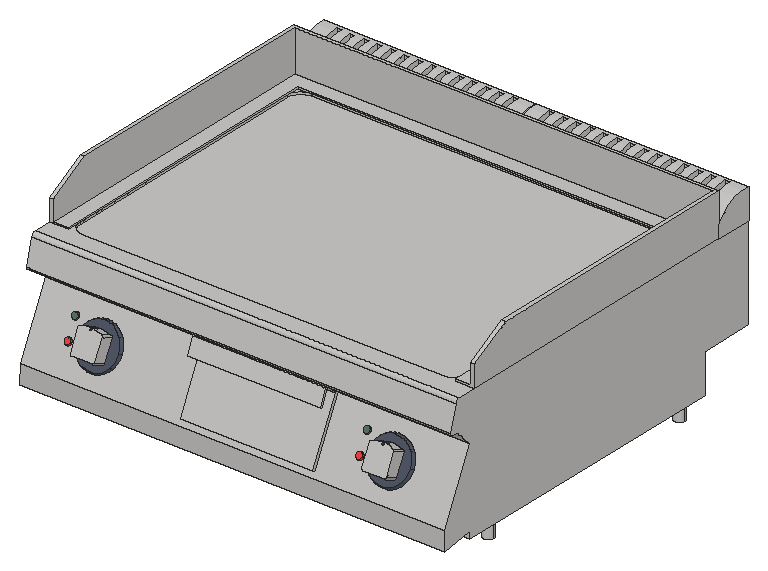
Revit family "QF_ZANUSSI_372194_Z7FTEHCSI0", category Specialty Equipment, Revit 2018
Family settings
  Round Connector Dimension = Use Diameter
  Part Type = Normal
  Work Plane-Based = No
  Always vertical = Yes
  Cut with Voids When Loaded = No
  Shared = No
  Room Calculation Point = No
Parameters
  Width = 800 mm  # constant formula
  Weight in Pounds = 198  # constant formula
  Weight = 0.00 kg
  Watts = 0 W
  Volts = 400 V
  URL Manufacturer = "http://www.zanussiprofessional.com"
  URL Cutsheet = "www.electrolux.com/foodservice"
  URL = "http://www.zanussiprofessional.com"
  Type Mark [instance] = ""
  Steam Supply Size = 0"
  Steam Supply Minimum Pressure = 0.00 psi
  Steam Supply Maximum Pressure = 0.00 psi
  Steam Pounds per Hour = 0
  Status [instance] = ""
  Specification by User [instance] = ""
  Specification by Manufacturer = ""
  Show Logo [instance] = yes
  Show Clearance [instance] = yes
  Serial Number = ""
  Seismic Rating = ""
  SMACNA No = ""
  Revision Code [instance] = ""
  Refrigeration Suction Line Size = 0"
  Refrigeration Liquid Line Size = 0"
  Refrigerant Compressor Remote = yes
  Phase = 3
  Omniclass Number and Title = ""
  NAFEM Spec ID Number = ""
  Model = "Z7FTEHCSI0"
  Mechanical Remarks = ""
  Mechanical Connection Type = ""
  Masterspec = ""
  Manufacturer = "Zanussi"
  Length Actual = 800 mm  # constant formula
  Item Number [instance] = "372194"
  Installed By [instance] = ""
  Identify Quantity as Lot [instance] = yes
  Hot Water Size = 0"
  Height Actual = 250 mm  # constant formula
  Height = 355 mm  # constant formula
  HP = "11.3 HP"
  Gas Size = 1/2"  # constant formula
  Gas RI Height [instance] = 0 mm
  Gas KW = 14  # constant formula
  Gas Input [instance] = 47726.0 Btu/h  # constant formula
  Gas Connection Height = 0 mm
  Furnished By [instance] = ""
  Foodservice Equipment Identifier [instance] = yes
  Direct Waste Size = 0"
  Description = "EL. FRY TOP-SMOOTH CHROME PLATE 800 MM"
  Depth Actual = 700 mm  # constant formula
  Depth = 715 mm  # constant formula
  Cycle = 60 Hz
  Condensate Return Size = 0"
  Compressed Air Volume = 0 GPM
  Compressed Air Size = 0"
  Compressed Air Pressure = 0.00 psi
  Cold Water Size = 0"
  CSI MasterFormat = ""
  CSI Master Format = ""
  Base Height [instance] = 24 mm  # constant formula
  Assembly Code = ""
  Accessory = yes
Reference planes
  plane 1 "BACK": y = 0
  plane 2: z = 0
  plane 3 "LEFT": x = 0
  plane 4 "RIGHT": x = 800
  plane 5 "FRONT": y = -715
  plane 6 "TOP": z = 288.925
  plane 7 "Center Y": x = 400
  plane 8 "Center X": y = -357.5
  plane 9 "BASE": z = 24
  plane 10 "TOP A": z = 274
  plane 11: y = -597.884
  plane 12: y = -147.637
  plane 13: z = 355
  plane 14: y = -700
  plane 15 "panel": through (-6096, -715, 65.146) normal (0, 0.8956, -0.4448)
Forms (mm)
  Extrusion 1, solid, material "QF_Finishes_Stainless Steel"
    sketch origin (0, 0, 0) x (0, 1, 0) y (0, 0, 1)
      loop
        line (0, 98) -> (0, 274) -> (-679.358, 274)
        arc (-679.358, 274) -> (-684.643, 271.811) -> (-686.833, 266.526) r 7.474
        line (-686.833, 266.526) -> (-699.884, 221.011)
        arc (-699.884, 221.011) -> (-699.396, 218.379) -> (-697, 217.184) r 3
        line (-697, 217.184) -> (-686.802, 217.184) -> (-654.982, 185.364) -> (-715, 64.508) -> (-715, 29.508) -> (-658.645, 37.428)
        arc (-658.645, 37.428) -> (-656.101, 36.674) -> (-655, 34.259) r 3.2
        line (-655, 34.259) -> (-655, 24) -> (-103, 24) -> (-103, 98) -> (0, 98)
    from 0 to 800
  Extrusion 2, void
    sketch origin (0, -2.381, 274) x (-1, 0, 0) y (0, -1, 0)
      loop
        arc (-60.425, 102.504) -> (-42.464, 109.943) -> (-35.025, 127.904) r 25.4
        line (-35.025, 127.904) -> (-35.025, 617.104)
        arc (-35.025, 617.104) -> (-42.464, 635.064) -> (-60.425, 642.504) r 25.4
        line (-60.425, 642.504) -> (-739.575, 642.504)
        arc (-739.575, 642.504) -> (-757.536, 635.064) -> (-764.975, 617.104) r 25.4
        line (-764.975, 617.104) -> (-764.975, 127.904)
        arc (-764.975, 127.904) -> (-757.536, 109.943) -> (-739.575, 102.504) r 25.4
        line (-739.575, 102.504) -> (-60.425, 102.504)
    from 0 to -3.2
  Extrusion 3, solid, material "QF_Finishes_Stainless Steel"
    sketch origin (0, 0, 0) x (1, 0, 0) y (0, 1, 0)
      loop
        circle (11.112, -147.638) r 9.525
      loop
        circle (11.112, -597.884) r 9.525
      loop
        circle (788.887, -147.638) r 9.525
      loop
        circle (788.887, -597.884) r 9.525
    from 0 to 24
  Extrusion 4, solid, material "QF_Finishes_Stainless Steel"
    sketch origin (0, -101.6, 105.694) x (0, 0, -1) y (-1, 0, 0)
      loop
        circle (43.694, -749.2) r 6.35
    from -1.4 to 3.175
  Extrusion 5, solid, material "QF_Finishes_Clearance", visible <- "Show Clearance", detail levels coarse
    sketch origin (0, 0, 0) x (1, 0, 0) y (0, 1, 0)
      loop
        line (0, -715) -> (0, 0) -> (800, 0) -> (800, -715) -> (950.019, -715) -> (950.019, 150.019) -> (-150.019, 150.019) -> (-150.019, -715) -> (0, -715)
    from 0 to 355
  Sweep 6, solid, material "QF_Finishes_Stainless Steel"
    path origin (0, -2.381, 274) x (-1, 0, 0) y (0, -1, 0)
      loop
        line (-764.975, 642.504) -> (-764.975, 102.504) -> (-35.025, 102.504) -> (-35.025, 642.504)
    profile origin (35.025, -374.885, 274) x (1, 0, 0) y (0, 0, 1)
      loop
        line (-35.025, 0) -> (0, 0) -> (0, 3.175) -> (-28.675, 3.175) -> (-28.675, 81) -> (-35.025, 81) -> (-35.025, 0)
  Extrusion 7, void
    sketch origin (0, -69.86, 274) x (0, 1, 0) y (0, 0, 1)
      loop
        line (-575.025, 41.119) -> (-501.995, 81) -> (-575.025, 81) -> (-575.025, 41.119)
    from 0 to 6.35
  Extrusion 8, void
    sketch origin (800, -644.885, 274) x (0, -1, 0) y (0, 0, 1)
      loop
        line (0, 41.119) -> (0, 81) -> (-73.03, 81) -> (0, 41.119)
    from 0 to 6.35
  Extrusion 9, solid, material "QF_Finishes_Stainless Steel"
    sketch origin (0, 0, 0) x (0, 1, 0) y (0, 0, 1)
      loop
        line (0, 274) -> (0, 331.492)
        arc (0, 331.492) -> (-38.8, 324.37) -> (-69.85, 300.038) r 82.447
        line (-69.85, 300.038) -> (-69.85, 274) -> (0, 274)
    from 0 to 400.05
  Extrusion 10, void
    sketch origin (0, 0, 274.638) x (0, -1, 0) y (1, 0, 0)
      loop
        line (6.761, 29.703) -> (63.911, 29.703) -> (63.911, 38.999) -> (6.761, 38.999) -> (6.761, 29.703)
      loop
        line (63.911, 64.487) -> (6.761, 64.487) -> (6.761, 55.191) -> (63.911, 55.191) -> (63.911, 64.487)
      loop
        line (63.911, 89.975) -> (6.761, 89.975) -> (6.761, 80.68) -> (63.911, 80.68) -> (63.911, 89.975)
      loop
        line (63.911, 115.464) -> (6.761, 115.464) -> (6.761, 106.168) -> (63.911, 106.168) -> (63.911, 115.464)
      loop
        line (63.911, 140.952) -> (6.761, 140.952) -> (6.761, 131.656) -> (63.911, 131.656) -> (63.911, 140.952)
      loop
        line (63.911, 166.44) -> (6.761, 166.44) -> (6.761, 157.145) -> (63.911, 157.145) -> (63.911, 166.44)
      loop
        line (63.911, 191.929) -> (6.761, 191.929) -> (6.761, 182.633) -> (63.911, 182.633) -> (63.911, 191.929)
      loop
        line (63.911, 217.417) -> (6.761, 217.417) -> (6.761, 208.121) -> (63.911, 208.121) -> (63.911, 217.417)
      loop
        line (63.911, 242.905) -> (6.761, 242.905) -> (6.761, 233.61) -> (63.911, 233.61) -> (63.911, 242.905)
      loop
        line (63.911, 268.394) -> (6.761, 268.394) -> (6.761, 259.098) -> (63.911, 259.098) -> (63.911, 268.394)
      loop
        line (63.911, 293.882) -> (6.761, 293.882) -> (6.761, 284.586) -> (63.911, 284.586) -> (63.911, 293.882)
      loop
        line (63.911, 319.37) -> (6.761, 319.37) -> (6.761, 310.075) -> (63.911, 310.075) -> (63.911, 319.37)
      loop
        line (63.911, 344.859) -> (6.761, 344.859) -> (6.761, 335.563) -> (63.911, 335.563) -> (63.911, 344.859)
      loop
        line (63.911, 370.347) -> (6.761, 370.347) -> (6.761, 361.051) -> (63.911, 361.051) -> (63.911, 370.347)
    from 25.4 to 63.5
  Extrusion 11, solid, material "QF_Finishes_Stainless Steel"
    sketch origin (400.05, 0, 0) x (0, 1, 0) y (0, 0, 1)
      loop
        line (0, 274) -> (0, 331.492)
        arc (0, 331.492) -> (-38.8, 324.37) -> (-69.85, 300.038) r 82.447
        line (-69.85, 300.038) -> (-69.85, 274) -> (0, 274)
    from 0 to 400.05
  Extrusion 12, void
    sketch origin (400.05, 0, 274.638) x (0, -1, 0) y (1, 0, 0)
      loop
        line (6.761, 29.653) -> (63.911, 29.653) -> (63.911, 38.949) -> (6.761, 38.949) -> (6.761, 29.653)
      loop
        line (63.911, 64.437) -> (6.761, 64.437) -> (6.761, 55.141) -> (63.911, 55.141) -> (63.911, 64.437)
      loop
        line (63.911, 89.925) -> (6.761, 89.925) -> (6.761, 80.63) -> (63.911, 80.63) -> (63.911, 89.925)
      loop
        line (63.911, 115.414) -> (6.761, 115.414) -> (6.761, 106.118) -> (63.911, 106.118) -> (63.911, 115.414)
      loop
        line (63.911, 140.902) -> (6.761, 140.902) -> (6.761, 131.606) -> (63.911, 131.606) -> (63.911, 140.902)
      loop
        line (63.911, 166.39) -> (6.761, 166.39) -> (6.761, 157.095) -> (63.911, 157.095) -> (63.911, 166.39)
      loop
        line (63.911, 191.879) -> (6.761, 191.879) -> (6.761, 182.583) -> (63.911, 182.583) -> (63.911, 191.879)
      loop
        line (63.911, 217.367) -> (6.761, 217.367) -> (6.761, 208.071) -> (63.911, 208.071) -> (63.911, 217.367)
      loop
        line (63.911, 242.855) -> (6.761, 242.855) -> (6.761, 233.56) -> (63.911, 233.56) -> (63.911, 242.855)
      loop
        line (63.911, 268.344) -> (6.761, 268.344) -> (6.761, 259.048) -> (63.911, 259.048) -> (63.911, 268.344)
      loop
        line (63.911, 293.832) -> (6.761, 293.832) -> (6.761, 284.536) -> (63.911, 284.536) -> (63.911, 293.832)
      loop
        line (63.911, 319.32) -> (6.761, 319.32) -> (6.761, 310.025) -> (63.911, 310.025) -> (63.911, 319.32)
      loop
        line (63.911, 344.809) -> (6.761, 344.809) -> (6.761, 335.513) -> (63.911, 335.513) -> (63.911, 344.809)
      loop
        line (63.911, 370.297) -> (6.761, 370.297) -> (6.761, 361.001) -> (63.911, 361.001) -> (63.911, 370.297)
    from 25.4 to 63.5
  Extrusion 13, solid, material "QF_Finishes_Stainless Steel"
    sketch origin (400, 0, 0) x (0, 1, 0) y (0, 0, 1)
      loop
        line (-655.161, 185.641) -> (-674.299, 204.778)
        arc (-674.299, 204.778) -> (-678.766, 206.181) -> (-682.47, 203.316) r 5.058
        line (-682.47, 203.316) -> (-695.132, 175.806) -> (-692.248, 174.479) -> (-679.586, 201.989)
        arc (-679.586, 201.989) -> (-678.207, 203.055) -> (-676.544, 202.533) r 1.883
        line (-676.544, 202.533) -> (-659.038, 185.028) -> (-712.559, 77.256) -> (-709.651, 75.918) -> (-655.161, 185.641)
    from -100 to 150
  Extrusion 14, solid, material "QF_Finishes_Drawer Clearance", visible <- "Show Clearance", detail levels coarse
    sketch origin (400, 0, 0) x (0, 1, 0) y (0, 0, 1)
      loop
        line (-778.814, 75.918) -> (-709.651, 75.918) -> (-655.161, 185.641) -> (-674.299, 204.778)
        arc (-674.299, 204.778) -> (-676.36, 206.027) -> (-678.766, 206.181) r 5.058
        line (-678.766, 206.181) -> (-747.93, 206.181)
        arc (-747.93, 206.181) -> (-750.133, 205.203) -> (-751.634, 203.316) r 5.058
        line (-751.634, 203.316) -> (-764.296, 175.806) -> (-761.412, 174.479) -> (-748.75, 201.989)
        arc (-748.75, 201.989) -> (-747.371, 203.055) -> (-745.708, 202.533) r 1.883
        line (-745.708, 202.533) -> (-728.202, 185.028) -> (-781.723, 77.256) -> (-778.814, 75.918)
    from -100 to 150
  Blend 15, solid, material "QF_Finishes_Navy Blue"
    base sketch origin (675, -684.991, 125.574) x (1, 0, 0) y (0, 0.444781, 0.895639)
      loop
        circle (0, 0) r 42.5
    top sketch origin (675, -684.991, 125.574) x (1, 0, 0) y (0, 0.444781, 0.895639)
      loop
        circle (0, 0) r 40.5
    from 0 to 5
  Extrusion 16, solid, material "QF_Finishes_Stainless Steel"
    sketch origin (675, -684.991, 125.574) x (1, 0, 0) y (0, 0.444781, 0.895639)
      loop
        arc (-21.147, 22.789) -> (-22.494, 21.685) -> (-23, 20.019) r 2.997
        line (-23, 20.019) -> (-23, -20.019)
        arc (-23, -20.019) -> (-22.122, -22.138) -> (-20.003, -23.016) r 2.997
        line (-20.003, -23.016) -> (20.003, -23.016)
        arc (20.003, -23.016) -> (22.122, -22.138) -> (23, -20.019) r 2.997
        line (23, -20.019) -> (23, 20.019)
        arc (23, 20.019) -> (22.494, 21.685) -> (21.147, 22.789) r 2.997
        arc (21.147, 22.789) -> (0, 26.984) -> (-21.147, 22.789) r 55.4
    from 10 to 34
  Extrusion 17, solid, material "QF_Plastic-Black-Matte"
    sketch origin (755, -684.991, 125.574) x (0, 0.444781, 0.895639) y (0, -0.895639, 0.444781)
      loop
        line (26.984, 34) -> (26.984, 19) -> (27.984, 19) -> (27.984, 34)
        arc (27.984, 34) -> (27.691, 34.707) -> (26.984, 35) r 1
        line (26.984, 35) -> (23.984, 35) -> (23.984, 34) -> (26.984, 34)
    from -81 to -79
  Extrusion 18, solid, material "QF_Finishes_Red"
    sketch origin (675, -689.439, 116.617) x (1, 0, 0) y (0, 0.444781, 0.895639)
      loop
        circle (-55.001, 0) r 6
    from 0 to 1.6
  Extrusion 19, solid, material "QF_Finishes_Stainless Steel"
    sketch origin (675, -684.991, 125.574) x (1, 0, 0) y (0, 0.444781, 0.895639)
      loop
        line (17.5, 17.5) -> (-17.5, 17.5) -> (-17.5, -17.5) -> (17.5, -17.5) -> (17.5, 17.5)
    from 5 to 10
  Extrusion 20, solid, material "QF_Finishes_DarkGreen"
    sketch origin (675, -671.648, 152.443) x (1, 0, 0) y (0, 0.444781, 0.895639)
      loop
        circle (-55.001, 0) r 6
    from 0 to 1.6
  Blend 21, solid, material "QF_Finishes_Navy Blue"
    base sketch origin (125, -684.991, 125.574) x (1, 0, 0) y (0, 0.444781, 0.895639)
      loop
        circle (0, 0) r 42.5
    top sketch origin (125, -684.991, 125.574) x (1, 0, 0) y (0, 0.444781, 0.895639)
      loop
        circle (0, 0) r 40.5
    from 0 to 5
  Extrusion 22, solid, material "QF_Finishes_Stainless Steel"
    sketch origin (125, -684.991, 125.574) x (1, 0, 0) y (0, 0.444781, 0.895639)
      loop
        arc (-21.147, 22.789) -> (-22.494, 21.685) -> (-23, 20.019) r 2.997
        line (-23, 20.019) -> (-23, -20.019)
        arc (-23, -20.019) -> (-22.122, -22.138) -> (-20.003, -23.016) r 2.997
        line (-20.003, -23.016) -> (20.003, -23.016)
        arc (20.003, -23.016) -> (22.122, -22.138) -> (23, -20.019) r 2.997
        line (23, -20.019) -> (23, 20.019)
        arc (23, 20.019) -> (22.494, 21.685) -> (21.147, 22.789) r 2.997
        arc (21.147, 22.789) -> (0, 26.984) -> (-21.147, 22.789) r 55.4
    from 10 to 34
  Extrusion 23, solid, material "QF_Plastic-Black-Matte"
    sketch origin (205, -684.991, 125.574) x (0, 0.444781, 0.895639) y (0, -0.895639, 0.444781)
      loop
        line (26.984, 34) -> (26.984, 19) -> (27.984, 19) -> (27.984, 34)
        arc (27.984, 34) -> (27.691, 34.707) -> (26.984, 35) r 1
        line (26.984, 35) -> (23.984, 35) -> (23.984, 34) -> (26.984, 34)
    from -81 to -79
  Extrusion 24, solid, material "QF_Finishes_Red"
    sketch origin (125, -689.439, 116.617) x (1, 0, 0) y (0, 0.444781, 0.895639)
      loop
        circle (-55.001, 0) r 6
    from 0 to 1.6
  Extrusion 25, solid, material "QF_Finishes_Stainless Steel"
    sketch origin (125, -684.991, 125.574) x (1, 0, 0) y (0, 0.444781, 0.895639)
      loop
        line (17.5, 17.5) -> (-17.5, 17.5) -> (-17.5, -17.5) -> (17.5, -17.5) -> (17.5, 17.5)
    from 5 to 10
  Extrusion 26, solid, material "QF_Finishes_DarkGreen"
    sketch origin (125, -671.648, 152.443) x (1, 0, 0) y (0, 0.444781, 0.895639)
      loop
        circle (-55.001, 0) r 6
    from 0 to 1.6
Cuts and joins
  Extrusion 2 cuts Extrusion 1
  Extrusion 7, Extrusion 8 cuts Sweep 6
  Extrusion 10 cuts Extrusion 9
  Extrusion 12 cuts Extrusion 11
Lines and regions (mm)
  Split face 1
    outline origin (676.664, -684.796, 137.208) x (1, 0, 0) y (0, 0.444781, 0.895639)
      loop
        circle (-34, 0) r 1.5
  Split face 2
    outline origin (673.297, -687.581, 131.6) x (1, 0, 0) y (0, 0.444781, 0.895639)
      loop
        circle (-30.633, -14.752) r 1.5
  Split face 3
    outline origin (676.214, -689.88, 126.97) x (1, 0, 0) y (0, 0.444781, 0.895639)
      loop
        circle (-21.199, -26.582) r 1.5
  Split face 4
    outline origin (682.566, -689.848, 127.034) x (1, 0, 0) y (0, 0.444781, 0.895639)
      loop
        circle (-7.566, -33.148) r 1.5
  Split face 5
    outline origin (687.419, -686.96, 132.85) x (1, 0, 0) y (0, 0.444781, 0.895639)
      loop
        circle (7.566, -33.148) r 1.5
  Split face 6
    outline origin (686.137, -682.319, 142.196) x (1, 0, 0) y (0, 0.444781, 0.895639)
      loop
        circle (21.199, -26.582) r 1.5
  Split face 7
    outline origin (676.5, -678.264, 150.361) x (1, 0, 0) y (0, 0.444781, 0.895639)
      loop
        circle (30.633, -14.752) r 1.5
  Split face 8
    outline origin (660.985, -677.235, 152.433) x (1, 0, 0) y (0, 0.444781, 0.895639)
      loop
        circle (34, 0) r 1.5
  Split face 9
    outline origin (675, -689.469, 127.797) x (1, 0, 0) y (0, 0.444781, 0.895639)
      loop
        circle (0, 33.561) r 1.5
  Split face 10
    outline origin (126.664, -684.796, 137.208) x (1, 0, 0) y (0, 0.444781, 0.895639)
      loop
        circle (-34, 0) r 1.5
  Split face 11
    outline origin (123.297, -687.581, 131.6) x (1, 0, 0) y (0, 0.444781, 0.895639)
      loop
        circle (-30.633, -14.752) r 1.5
  Split face 12
    outline origin (126.214, -689.88, 126.97) x (1, 0, 0) y (0, 0.444781, 0.895639)
      loop
        circle (-21.199, -26.582) r 1.5
  Split face 13
    outline origin (132.566, -689.848, 127.034) x (1, 0, 0) y (0, 0.444781, 0.895639)
      loop
        circle (-7.566, -33.148) r 1.5
  Split face 14
    outline origin (137.419, -686.96, 132.85) x (1, 0, 0) y (0, 0.444781, 0.895639)
      loop
        circle (7.566, -33.148) r 1.5
  Split face 15
    outline origin (136.137, -682.319, 142.196) x (1, 0, 0) y (0, 0.444781, 0.895639)
      loop
        circle (21.199, -26.582) r 1.5
  Split face 16
    outline origin (126.5, -678.264, 150.361) x (1, 0, 0) y (0, 0.444781, 0.895639)
      loop
        circle (30.633, -14.752) r 1.5
  Split face 17
    outline origin (110.985, -677.235, 152.433) x (1, 0, 0) y (0, 0.444781, 0.895639)
      loop
        circle (34, 0) r 1.5
  Split face 18
    outline origin (125, -689.469, 127.797) x (1, 0, 0) y (0, 0.444781, 0.895639)
      loop
        circle (0, 33.561) r 1.5
  symbolic lines, style "QF-Clearances", visible <- "Show Clearance", detail levels coarse
    curve 1: line (-150.019, 150.019, 274) -> (-150.019, -715, 274)
    curve 2: line (950.019, 150.019, 274) -> (-150.019, 150.019, 274)
    curve 3: line (950.019, -716.377, 274) -> (950.019, 150.019, 274)
  symbolic lines
    curve 4: line (0, 0, 274) -> (800, 0, 274)
    curve 5: line (0, -715, 274) -> (0, 0, 274)
    curve 6: line (800, 0, 274) -> (800, -715, 274)
    curve 7: line (35.025, -104.885, 274) -> (35.025, -644.885, 274)
    curve 8: arc (35.025, -619.485, 274) -> (42.464, -637.445, 274) -> (60.425, -644.885, 274) r 25.4
    curve 9: line (0, -644.885, 274) -> (35.025, -644.885, 274)
    curve 10: arc (739.215, -644.885, 274) -> (757.736, -637.213, 274) -> (765.407, -618.692, 274) r 26.193
    curve 11: line (765.407, -644.885, 274) -> (765.407, -104.885, 274)
    curve 12: line (765.407, -104.885, 274) -> (35.025, -104.885, 274)
    curve 13: line (0, -69.85, 274) -> (800, -69.85, 274)
    curve 14: arc (64.125, -104.885, 274) -> (43.548, -113.408, 274) -> (35.025, -133.985, 274) r 29.1
    curve 15: arc (739.863, -104.885, 274) -> (757.926, -112.367, 274) -> (765.407, -130.429, 274) r 25.544
    curve 16: line (6.35, -76.21, 274) -> (6.35, -644.885, 274)
    curve 17: line (6.35, -76.21, 274) -> (793.65, -76.21, 274)
    curve 18: line (793.65, -76.21, 274) -> (793.65, -644.885, 274)
    curve 19: line (765.407, -644.885, 274) -> (800, -644.885, 274)
    curve 20: line (60.425, -644.885, 274) -> (739.215, -644.885, 274)
    curve 24: line (0, 0, 274.638) -> (800, 0, 274.638)
    curve 25: line (0, -69.85, 274.638) -> (800, -69.85, 274.638)
    curve 26: line (29.703, -6.761, 0) -> (38.999, -6.761, 0)
    curve 27: line (29.703, -63.911, 0) -> (29.703, -6.761, 0)
    curve 28: line (38.999, -63.911, 0) -> (29.703, -63.911, 0)
    curve 29: line (38.999, -6.761, 0) -> (38.999, -63.911, 0)
    curve 30: line (55.191, -6.761, 0) -> (64.487, -6.761, 0)
    curve 31: line (55.191, -63.911, 0) -> (55.191, -6.761, 0)
    curve 32: line (64.487, -63.911, 0) -> (55.191, -63.911, 0)
    curve 33: line (64.487, -6.761, 0) -> (64.487, -63.911, 0)
    curve 34: line (80.68, -6.761, 0) -> (89.975, -6.761, 0)
    curve 35: line (80.68, -63.911, 0) -> (80.68, -6.761, 0)
    curve 36: line (89.975, -63.911, 0) -> (80.68, -63.911, 0)
    curve 37: line (89.975, -6.761, 0) -> (89.975, -63.911, 0)
    curve 38: line (106.168, -6.761, 0) -> (115.464, -6.761, 0)
    curve 39: line (106.168, -63.911, 0) -> (106.168, -6.761, 0)
    curve 40: line (115.464, -63.911, 0) -> (106.168, -63.911, 0)
    curve 41: line (115.464, -6.761, 0) -> (115.464, -63.911, 0)
    curve 42: line (131.656, -6.761, 0) -> (140.952, -6.761, 0)
    curve 43: line (131.656, -63.911, 0) -> (131.656, -6.761, 0)
    curve 44: line (140.952, -63.911, 0) -> (131.656, -63.911, 0)
    curve 45: line (140.952, -6.761, 0) -> (140.952, -63.911, 0)
    curve 46: line (157.145, -6.761, 0) -> (166.44, -6.761, 0)
    curve 47: line (157.145, -63.911, 0) -> (157.145, -6.761, 0)
    curve 48: line (166.44, -63.911, 0) -> (157.145, -63.911, 0)
    curve 49: line (166.44, -6.761, 0) -> (166.44, -63.911, 0)
    curve 50: line (182.633, -6.761, 0) -> (191.929, -6.761, 0)
    curve 51: line (182.633, -63.911, 0) -> (182.633, -6.761, 0)
    curve 52: line (191.929, -63.911, 0) -> (182.633, -63.911, 0)
    curve 53: line (191.929, -6.761, 0) -> (191.929, -63.911, 0)
    curve 54: line (208.121, -6.761, 0) -> (217.417, -6.761, 0)
    curve 55: line (208.121, -63.911, 0) -> (208.121, -6.761, 0)
    curve 56: line (217.417, -63.911, 0) -> (208.121, -63.911, 0)
    curve 57: line (217.417, -6.761, 0) -> (217.417, -63.911, 0)
    curve 58: line (233.61, -6.761, 0) -> (242.905, -6.761, 0)
    curve 59: line (233.61, -63.911, 0) -> (233.61, -6.761, 0)
    curve 60: line (242.905, -63.911, 0) -> (233.61, -63.911, 0)
    curve 61: line (242.905, -6.761, 0) -> (242.905, -63.911, 0)
    curve 62: line (259.098, -6.761, 0) -> (268.394, -6.761, 0)
    curve 63: line (259.098, -63.911, 0) -> (259.098, -6.761, 0)
    curve 64: line (268.394, -63.911, 0) -> (259.098, -63.911, 0)
    curve 65: line (268.394, -6.761, 0) -> (268.394, -63.911, 0)
    curve 66: line (284.586, -6.761, 0) -> (293.882, -6.761, 0)
    curve 67: line (284.586, -63.911, 0) -> (284.586, -6.761, 0)
    curve 68: line (293.882, -63.911, 0) -> (284.586, -63.911, 0)
    curve 69: line (293.882, -6.761, 0) -> (293.882, -63.911, 0)
    curve 70: line (310.075, -6.761, 0) -> (319.37, -6.761, 0)
    curve 71: line (310.075, -63.911, 0) -> (310.075, -6.761, 0)
    curve 72: line (319.37, -63.911, 0) -> (310.075, -63.911, 0)
    curve 73: line (319.37, -6.761, 0) -> (319.37, -63.911, 0)
    curve 74: line (335.563, -6.761, 0) -> (344.859, -6.761, 0)
    curve 75: line (335.563, -63.911, 0) -> (335.563, -6.761, 0)
    curve 76: line (344.859, -63.911, 0) -> (335.563, -63.911, 0)
    curve 77: line (344.859, -6.761, 0) -> (344.859, -63.911, 0)
    curve 78: line (361.051, -6.761, 0) -> (370.347, -6.761, 0)
    curve 79: line (361.051, -63.911, 0) -> (361.051, -6.761, 0)
    curve 80: line (370.347, -63.911, 0) -> (361.051, -63.911, 0)
    curve 81: line (370.347, -6.761, 0) -> (370.347, -63.911, 0)
    curve 82: line (400, 0, 0) -> (400, -69.85, 0)
    curve 83: line (770.347, -6.761, 0) -> (761.051, -6.761, 0)
    curve 84: line (770.347, -63.911, 0) -> (770.347, -6.761, 0)
    curve 85: line (761.051, -63.911, 0) -> (770.347, -63.911, 0)
    curve 86: line (761.051, -6.761, 0) -> (761.051, -63.911, 0)
    curve 87: line (744.859, -6.761, 0) -> (735.563, -6.761, 0)
    curve 88: line (744.859, -63.911, 0) -> (744.859, -6.761, 0)
    curve 89: line (735.563, -63.911, 0) -> (744.859, -63.911, 0)
    curve 90: line (735.563, -6.761, 0) -> (735.563, -63.911, 0)
    curve 91: line (719.37, -6.761, 0) -> (710.075, -6.761, 0)
    curve 92: line (719.37, -63.911, 0) -> (719.37, -6.761, 0)
    curve 93: line (710.075, -63.911, 0) -> (719.37, -63.911, 0)
    curve 94: line (710.075, -6.761, 0) -> (710.075, -63.911, 0)
    curve 95: line (693.882, -6.761, 0) -> (684.586, -6.761, 0)
    curve 96: line (693.882, -63.911, 0) -> (693.882, -6.761, 0)
    curve 97: line (684.586, -63.911, 0) -> (693.882, -63.911, 0)
    curve 98: line (684.586, -6.761, 0) -> (684.586, -63.911, 0)
    curve 99: line (668.394, -6.761, 0) -> (659.098, -6.761, 0)
    curve 100: line (668.394, -63.911, 0) -> (668.394, -6.761, 0)
    curve 101: line (659.098, -63.911, 0) -> (668.394, -63.911, 0)
    curve 102: line (659.098, -6.761, 0) -> (659.098, -63.911, 0)
    curve 103: line (642.905, -6.761, 0) -> (633.61, -6.761, 0)
    curve 104: line (642.905, -63.911, 0) -> (642.905, -6.761, 0)
    curve 105: line (633.61, -63.911, 0) -> (642.905, -63.911, 0)
    curve 106: line (633.61, -6.761, 0) -> (633.61, -63.911, 0)
    curve 107: line (617.417, -6.761, 0) -> (608.121, -6.761, 0)
    curve 108: line (617.417, -63.911, 0) -> (617.417, -6.761, 0)
    curve 109: line (608.121, -63.911, 0) -> (617.417, -63.911, 0)
    curve 110: line (608.121, -6.761, 0) -> (608.121, -63.911, 0)
    curve 111: line (591.929, -6.761, 0) -> (582.633, -6.761, 0)
    curve 112: line (591.929, -63.911, 0) -> (591.929, -6.761, 0)
    curve 113: line (582.633, -63.911, 0) -> (591.929, -63.911, 0)
    curve 114: line (582.633, -6.761, 0) -> (582.633, -63.911, 0)
    curve 115: line (566.44, -6.761, 0) -> (557.145, -6.761, 0)
    curve 116: line (566.44, -63.911, 0) -> (566.44, -6.761, 0)
    curve 117: line (557.145, -63.911, 0) -> (566.44, -63.911, 0)
    curve 118: line (557.145, -6.761, 0) -> (557.145, -63.911, 0)
    curve 119: line (540.952, -6.761, 0) -> (531.656, -6.761, 0)
    curve 120: line (540.952, -63.911, 0) -> (540.952, -6.761, 0)
    curve 121: line (531.656, -63.911, 0) -> (540.952, -63.911, 0)
    curve 122: line (531.656, -6.761, 0) -> (531.656, -63.911, 0)
    curve 123: line (515.464, -6.761, 0) -> (506.168, -6.761, 0)
    curve 124: line (515.464, -63.911, 0) -> (515.464, -6.761, 0)
    curve 125: line (506.168, -63.911, 0) -> (515.464, -63.911, 0)
    curve 126: line (506.168, -6.761, 0) -> (506.168, -63.911, 0)
    curve 127: line (489.975, -6.761, 0) -> (480.68, -6.761, 0)
    curve 128: line (489.975, -63.911, 0) -> (489.975, -6.761, 0)
    curve 129: line (480.68, -63.911, 0) -> (489.975, -63.911, 0)
    curve 130: line (480.68, -6.761, 0) -> (480.68, -63.911, 0)
    curve 131: line (464.487, -6.761, 0) -> (455.191, -6.761, 0)
    curve 132: line (464.487, -63.911, 0) -> (464.487, -6.761, 0)
    curve 133: line (455.191, -63.911, 0) -> (464.487, -63.911, 0)
    curve 134: line (455.191, -6.761, 0) -> (455.191, -63.911, 0)
    curve 135: line (438.999, -6.761, 0) -> (429.703, -6.761, 0)
    curve 136: line (438.999, -63.911, 0) -> (438.999, -6.761, 0)
    curve 137: line (429.703, -63.911, 0) -> (438.999, -63.911, 0)
    curve 138: line (429.703, -6.761, 0) -> (429.703, -63.911, 0)
    curve 139: line (0, -700, 0) -> (800, -700, 0)
    curve 140: line (698, -700, 0) -> (698, -724.347, 0)
    curve 141: arc (698, -724.347, 0) -> (697.854, -724.811, 0) -> (697.468, -725.107, 0) r 0.809
    curve 142: arc (697.468, -725.107, 0) -> (696.28, -725.587, 0) -> (695.003, -725.68, 0) r 4.127
    curve 143: arc (698, -704.292, 0) -> (703.041, -702.458, 0) -> (707.809, -700, 0) r 42.24
    curve 144: arc (698, -706.539, 0) -> (697.498, -705.818, 0) -> (696.701, -705.448, 0) r 1.682
    curve 145: arc (696.701, -705.448, 0) -> (686.398, -703.95, 0) -> (676, -703.441, 0) r 109.079
    curve 146: line (676, -700, 0) -> (676, -705.671, 0)
    curve 147: line (676, -705.671, 0) -> (674, -705.671, 0)
    curve 148: line (674, -705.671, 0) -> (674, -700, 0)
    curve 149: line (652, -700, 0) -> (652, -724.347, 0)
    curve 150: arc (652, -724.347, 0) -> (652.146, -724.811, 0) -> (652.532, -725.107, 0) r 0.809
    curve 151: arc (652.532, -725.107, 0) -> (653.72, -725.587, 0) -> (654.997, -725.68, 0) r 4.127
    curve 152: arc (652, -704.292, 0) -> (646.959, -702.458, 0) -> (642.191, -700, 0) r 42.24
    curve 153: arc (652, -706.539, 0) -> (652.502, -705.818, 0) -> (653.299, -705.448, 0) r 1.682
    curve 154: arc (653.299, -705.448, 0) -> (663.602, -703.95, 0) -> (674, -703.441, 0) r 109.079
    curve 155: line (695.003, -725.68, 0) -> (654.997, -725.68, 0)
    curve 156: line (148, -715, 0) -> (652, -715, 0)
    curve 157: line (698, -715, 0) -> (800, -715, 0)
    curve 158: line (300, -715, 0) -> (300, -700, 0)
    curve 159: line (549.95, -715, 0) -> (549.95, -700, 0)
    curve 160: line (148, -700, 0) -> (148, -724.347, 0)
    curve 161: arc (148, -724.347, 0) -> (147.854, -724.811, 0) -> (147.468, -725.107, 0) r 0.809
    curve 162: arc (147.468, -725.107, 0) -> (146.28, -725.587, 0) -> (145.003, -725.68, 0) r 4.127
    curve 163: arc (148, -704.292, 0) -> (153.041, -702.458, 0) -> (157.809, -700, 0) r 42.24
    curve 164: arc (148, -706.539, 0) -> (147.498, -705.818, 0) -> (146.701, -705.448, 0) r 1.682
    curve 165: arc (146.701, -705.448, 0) -> (136.398, -703.95, 0) -> (126, -703.441, 0) r 109.079
    curve 166: line (126, -700, 0) -> (126, -705.671, 0)
    curve 167: line (126, -705.671, 0) -> (124, -705.671, 0)
    curve 168: line (124, -705.671, 0) -> (124, -700, 0)
    curve 169: line (102, -700, 0) -> (102, -724.347, 0)
    curve 170: arc (102, -724.347, 0) -> (102.146, -724.811, 0) -> (102.532, -725.107, 0) r 0.809
    curve 171: arc (102.532, -725.107, 0) -> (103.72, -725.587, 0) -> (104.997, -725.68, 0) r 4.127
    curve 172: arc (102, -704.292, 0) -> (96.959, -702.458, 0) -> (92.191, -700, 0) r 42.24
    curve 173: arc (102, -706.539, 0) -> (102.502, -705.818, 0) -> (103.299, -705.448, 0) r 1.682
    curve 174: arc (103.299, -705.448, 0) -> (113.602, -703.95, 0) -> (124, -703.441, 0) r 109.079
    curve 175: line (145.003, -725.68, 0) -> (104.997, -725.68, 0)
    curve 176: line (102, -715, 0) -> (0, -715, 0)
  symbolic lines, style "QF_Drawer Clearance"
    curve 21: line (300, -767.387, 0) -> (300, -715, 0)
    curve 22: line (300, -767.387, 0) -> (550, -767.387, 0)
    curve 23: line (550, -767.387, 0) -> (550, -715, 0)
Dimensions and locks
  equal spacing: plane 3 "LEFT", plane 7 "Center Y", plane 4 "RIGHT"
  "Width": plane 3 "LEFT" to plane 4 "RIGHT"
  equal spacing: plane 5 "FRONT", plane 8 "Center X", plane 1 "BACK"
  "Depth": plane 5 "FRONT" to plane 1 "BACK"
  plane 1 "BACK" to plane 5 "FRONT" = 715 mm
  "Base Height": plane 9 "BASE" to level
  plane 4 "RIGHT" to Extrusion 4 sketch curve = 50.8 mm
  Sweep 6 sketch curve to level = 355 mm
  plane 10 "TOP A" to plane 9 "BASE" = 250 mm  (x2)
  plane 9 "BASE" to level = 24 mm
  "Height": plane 13 to level
  plane 1 "BACK" to plane 14 = 700 mm
  aligned and locked: level to plane 2
  aligned and locked: plane 4 "RIGHT" to Extrusion 1
  aligned and locked: plane 9 "BASE" to Extrusion 3
  aligned: plane 6 "TOP" to Extrusion 5
Automatic sketch dimensions
  curve 176 to plane 3 "LEFT" = 0 mm
  curve 139 to plane 3 "LEFT" = 0 mm
  plane 14 to curve 172 = 0 mm
  plane 5 "FRONT" to curve 176 = 0 mm
  plane 5 "FRONT" to curve 156 = 0 mm
  curve 82 to plane 7 "Center Y" = 0 mm
  plane 5 "FRONT" to curve 157 = 0 mm
  curve 157 to plane 4 "RIGHT" = 0 mm
  curve 139 to plane 4 "RIGHT" = 0 mm
  plane 1 "BACK" to curve 82 = 0 mm
  plane 3 "LEFT" to curve 28 = 29.703 mm
  curve 26 to curve 26 = 9.296 mm
  plane 1 "BACK" to curve 30 = 6.761 mm
  curve 26 to curve 30 = 16.193 mm
  curve 30 to curve 30 = 9.296 mm
  plane 1 "BACK" to curve 35 = 6.761 mm
  curve 30 to curve 35 = 16.193 mm
  curve 34 to curve 34 = 9.296 mm
  plane 1 "BACK" to curve 39 = 6.761 mm
  curve 34 to curve 39 = 16.193 mm
  curve 38 to curve 38 = 9.296 mm
  plane 5 "FRONT" to curve 169 = 9.347 mm
  plane 3 "LEFT" to curve 169 = 102 mm
  curve 169 to curve 170 = 0.809 mm
  curve 173 to curve 173 = 1.583 mm
  curve 170 to curve 171 = 1.846 mm
  curve 170 to curve 175 = 2.189 mm
  plane 1 "BACK" to curve 42 = 6.761 mm
  curve 38 to curve 42 = 16.193 mm
  curve 169 to curve 172 = 11.892 mm
  curve 42 to curve 42 = 9.296 mm
  plane 14 to curve 168 = 5.671 mm
  curve 173 to curve 168 = 20.417 mm
  curve 171 to curve 174 = 19.134 mm
  curve 174 to curve 165 = 1.738 mm
  curve 167 to curve 167 = 2 mm
  plane 1 "BACK" to curve 46 = 6.761 mm
  curve 42 to curve 46 = 16.193 mm
  curve 172 to curve 163 = 22.215 mm
  curve 47 to curve 48 = 9.296 mm
  curve 166 to curve 175 = 19.003 mm
  curve 162 to curve 162 = 0.343 mm
  curve 162 to curve 164 = 1.071 mm
  curve 162 to curve 161 = 2.189 mm
  curve 161 to curve 160 = 0.809 mm
  plane 1 "BACK" to curve 51 = 6.761 mm
  curve 46 to curve 51 = 16.193 mm
  curve 50 to curve 53 = 9.296 mm
  curve 52 to curve 55 = 16.193 mm
  curve 54 to curve 54 = 9.296 mm
  curve 56 to curve 59 = 16.193 mm
  curve 58 to curve 61 = 9.296 mm
  plane 1 "BACK" to curve 62 = 6.761 mm
  curve 58 to curve 62 = 16.193 mm
  curve 62 to curve 62 = 9.296 mm
  plane 1 "BACK" to curve 67 = 6.761 mm
  curve 62 to curve 67 = 16.193 mm
  curve 66 to curve 66 = 9.296 mm
  curve 22 to plane 7 "Center Y" = 100 mm
  curve 68 to curve 71 = 16.193 mm
  curve 70 to curve 70 = 9.296 mm
  plane 1 "BACK" to curve 74 = 6.761 mm
  curve 70 to curve 74 = 16.193 mm
  curve 74 to curve 77 = 9.296 mm
  plane 1 "BACK" to curve 78 = 6.761 mm
  curve 74 to curve 78 = 16.193 mm
  curve 79 to curve 81 = 9.296 mm
  plane 7 "Center Y" to curve 137 = 29.703 mm
  curve 135 to curve 135 = 9.296 mm
  curve 136 to curve 133 = 16.193 mm
  curve 131 to curve 131 = 9.296 mm
  plane 1 "BACK" to curve 127 = 6.761 mm
  curve 131 to curve 127 = 16.193 mm
  curve 129 to curve 129 = 9.296 mm
  curve 128 to curve 126 = 16.193 mm
  curve 123 to curve 124 = 9.296 mm
  curve 124 to curve 122 = 16.193 mm
  curve 121 to curve 121 = 9.296 mm
  plane 5 "FRONT" to curve 23 = 52.387 mm
  plane 7 "Center Y" to curve 23 = 150 mm
  curve 120 to curve 117 = 16.193 mm
  curve 115 to curve 116 = 9.296 mm
  curve 116 to curve 113 = 16.193 mm
  curve 111 to curve 112 = 9.296 mm
  plane 1 "BACK" to curve 110 = 6.761 mm
  curve 111 to curve 110 = 16.193 mm
  curve 109 to curve 109 = 9.296 mm
  plane 5 "FRONT" to curve 149 = 9.347 mm
  curve 23 to curve 149 = 102 mm
  curve 149 to curve 150 = 0.809 mm
  curve 153 to curve 153 = 1.583 mm
  curve 150 to curve 151 = 1.846 mm
  curve 150 to curve 155 = 2.189 mm
  plane 1 "BACK" to curve 103 = 6.761 mm
  curve 107 to curve 103 = 16.193 mm
  curve 149 to curve 152 = 11.892 mm
  curve 103 to curve 103 = 9.296 mm
  plane 14 to curve 148 = 5.671 mm
  curve 153 to curve 148 = 20.417 mm
  curve 151 to curve 154 = 19.134 mm
  curve 154 to curve 145 = 1.738 mm
  curve 147 to curve 146 = 2 mm
  curve 104 to curve 101 = 16.193 mm
  curve 152 to curve 143 = 22.215 mm
  curve 101 to curve 101 = 9.296 mm
  curve 146 to curve 155 = 19.003 mm
  curve 142 to curve 142 = 0.343 mm
  curve 142 to curve 144 = 1.071 mm
  curve 142 to curve 141 = 2.189 mm
  curve 141 to curve 140 = 0.809 mm
  plane 1 "BACK" to curve 98 = 6.761 mm
  curve 99 to curve 98 = 16.193 mm
  curve 97 to curve 97 = 9.296 mm
  plane 1 "BACK" to curve 94 = 6.761 mm
  curve 95 to curve 94 = 16.193 mm
  curve 91 to curve 92 = 9.296 mm
  curve 92 to curve 89 = 16.193 mm
  curve 89 to curve 89 = 9.296 mm
  curve 88 to curve 85 = 16.193 mm
  curve 85 to curve 85 = 9.296 mm
  curve 165 to curve 170 = 88.173 mm
  curve 145 to curve 150 = 88.173 mm
  curve 174 to curve 165 = 0 mm
  curve 154 to curve 145 = 0 mm
  plane 5 "FRONT" to curve 175 = 10.68 mm
  plane 5 "FRONT" to curve 155 = 10.68 mm
  curve 162 to curve 161 = 1.333 mm
  curve 142 to curve 141 = 1.333 mm
  curve 150 to curve 151 = 2.779 mm
  curve 141 to curve 142 = 2.779 mm
  curve 170 to curve 171 = 2.779 mm
  curve 161 to curve 162 = 2.779 mm
  plane 14 to curve 144 = 7.106 mm
  plane 14 to curve 173 = 7.106 mm
  plane 14 to curve 164 = 7.106 mm
  plane 14 to curve 153 = 7.106 mm
  curve 143 to plane 14 = 36.239 mm
  curve 152 to curve 143 = 0 mm
  curve 172 to plane 14 = 36.239 mm
  curve 172 to curve 163 = 0 mm
  curve 77 to curve 74 = 57.15 mm
  curve 76 to curve 79 = 0 mm
  curve 32 to curve 30 = 57.15 mm
  curve 68 to curve 75 = 0 mm
  curve 32 to curve 35 = 0 mm
  plane 1 "BACK" to curve 84 = 63.911 mm
  curve 65 to curve 67 = 0 mm
  curve 88 to curve 85 = 0 mm
  curve 92 to curve 89 = 0 mm
  curve 36 to curve 39 = 0 mm
  curve 96 to curve 93 = 0 mm
  curve 29 to curve 31 = 0 mm
  curve 61 to curve 63 = 0 mm
  curve 100 to curve 97 = 0 mm
  curve 68 to curve 71 = 0 mm
  curve 104 to curve 101 = 0 mm
  curve 40 to curve 43 = 0 mm
  curve 108 to curve 105 = 0 mm
  curve 57 to curve 59 = 0 mm
  curve 112 to curve 109 = 0 mm
  curve 53 to curve 55 = 0 mm
  curve 116 to curve 113 = 0 mm
  curve 48 to curve 51 = 0 mm
  curve 120 to curve 117 = 0 mm
  curve 124 to curve 121 = 0 mm
  curve 128 to curve 125 = 0 mm
  curve 138 to curve 129 = 0 mm
  curve 132 to curve 129 = 0 mm
  plane 1 "BACK" to curve 134 = 6.761 mm
  plane 1 "BACK" to curve 135 = 6.761 mm
  plane 1 "BACK" to curve 126 = 6.761 mm
  plane 1 "BACK" to curve 122 = 6.761 mm
  plane 1 "BACK" to curve 118 = 6.761 mm
  plane 1 "BACK" to curve 114 = 6.761 mm
  plane 1 "BACK" to curve 102 = 6.761 mm
  plane 1 "BACK" to curve 90 = 6.761 mm
  plane 1 "BACK" to curve 86 = 6.761 mm
  plane 1 "BACK" to curve 26 = 6.761 mm
  plane 1 "BACK" to curve 73 = 6.761 mm
  plane 1 "BACK" to curve 61 = 6.761 mm
  plane 1 "BACK" to curve 57 = 6.761 mm
  curve 172 to curve 169 = 9.809 mm
  curve 173 to curve 173 = 0.284 mm
  curve 164 to curve 165 = 0.284 mm
  curve 160 to curve 163 = 9.809 mm
  curve 158 to curve 21 = 0 mm
  curve 159 to curve 23 = 0.05 mm
  curve 152 to curve 149 = 9.809 mm
  curve 154 to curve 153 = 0.284 mm
  curve 144 to curve 144 = 0.284 mm
  curve 140 to curve 143 = 9.809 mm
  curve 173 to curve 173 = 0.567 mm
  curve 164 to curve 164 = 0.567 mm
  curve 153 to curve 153 = 0.567 mm
  curve 144 to curve 144 = 0.567 mm
  curve 82 to curve 80 = 5.939 mm
  Extrusion 1 sketch curve to plane 5 "FRONT" = 0 mm
  Extrusion 1 sketch curve to plane 10 "TOP A" = 0 mm
  Extrusion 1 sketch curve to plane 9 "BASE" = 0 mm
  Extrusion 1 sketch curve to plane 1 "BACK" = 0 mm
  Extrusion 1 sketch curve to plane 14 = 0.116 mm
  Extrusion 1 sketch curve to plane 14 = 3 mm
  Extrusion 1 sketch curve to plane 10 "TOP A" = 7.474 mm
  Extrusion 1 sketch curve to plane 14 = 13.167 mm
  Extrusion 1 sketch curve to Extrusion 1 sketch curve = 10.198 mm
  plane 9 "BASE" to Extrusion 1 sketch curve = 13.428 mm
  Extrusion 1 sketch curve to plane 14 = 41.355 mm
  Extrusion 1 sketch curve to Extrusion 1 sketch curve = 0.445 mm
  Extrusion 1 sketch curve to Extrusion 1 sketch curve = 3.2 mm
  Extrusion 1 sketch curve to Extrusion 1 sketch curve = 31.82 mm
  Extrusion 1 sketch curve to plane 12 = 44.638 mm
  plane 9 "BASE" to Extrusion 1 sketch curve = 5.508 mm
  Extrusion 1 sketch curve to Extrusion 1 sketch curve = 35 mm
  Extrusion 1 sketch curve to Extrusion 1 sketch curve = 74 mm
  Extrusion 1 sketch curve to Extrusion 1 sketch curve = 81.162 mm
  Extrusion 1 sketch curve to Extrusion 1 sketch curve = 49.342 mm
  Extrusion 1 sketch curve to Extrusion 1 sketch curve = 3 mm
  Extrusion 2 sketch curve to plane 4 "RIGHT" = 35.025 mm
  Extrusion 2 sketch curve to Extrusion 2 sketch curve = 25.4 mm  (x3)
  Extrusion 2 sketch curve to plane 12 = 17.353 mm
  plane 3 "LEFT" to Extrusion 2 sketch curve = 60.425 mm  (x2)
  plane 11 to Extrusion 2 sketch curve = 21.6 mm
  plane 11 to Extrusion 3 sketch curve = 0 mm  (x2)
  plane 12 to Extrusion 3 sketch curve = 0 mm  (x2)
  plane 3 "LEFT" to Extrusion 3 sketch curve = 11.112 mm  (x2)
  Extrusion 3 sketch curve to plane 4 "RIGHT" = 11.113 mm  (x2)
  plane 9 "BASE" to Extrusion 4 sketch curve = 38 mm
  plane 5 "FRONT" to Extrusion 5 sketch curve = 0 mm  (x2)
  plane 1 "BACK" to Extrusion 5 sketch curve = 0 mm
  Extrusion 5 sketch curve to plane 3 "LEFT" = 0 mm
  Extrusion 5 sketch curve to plane 4 "RIGHT" = 0 mm
  Extrusion 5 sketch curve to plane 3 "LEFT" = 150.019 mm
  plane 4 "RIGHT" to Extrusion 5 sketch curve = 150.019 mm
  Extrusion 5 sketch curve to plane 1 "BACK" = 150.019 mm
  plane 1 "BACK" to curve 6 = 0 mm
  curve 6 to plane 4 "RIGHT" = 0 mm
  curve 13 to plane 3 "LEFT" = 0 mm
  plane 5 "FRONT" to curve 1 = 0 mm
  plane 5 "FRONT" to curve 5 = 0 mm
  plane 5 "FRONT" to curve 6 = 0 mm
  plane 4 "RIGHT" to curve 3 = 150.019 mm
  curve 17 to plane 4 "RIGHT" = 6.35 mm
  curve 11 to plane 4 "RIGHT" = 34.593 mm
  curve 15 to plane 12 = 17.209 mm
  curve 15 to curve 15 = 25.544 mm
  plane 11 to curve 10 = 20.807 mm
  curve 10 to curve 10 = 26.193 mm
  curve 14 to plane 12 = 13.653 mm
  plane 3 "LEFT" to curve 14 = 64.125 mm
  curve 20 to curve 7 = 25.4 mm
  plane 3 "LEFT" to curve 16 = 6.35 mm
  curve 2 to plane 3 "LEFT" = 150.019 mm
  curve 1 to plane 1 "BACK" = 150.019 mm
  curve 17 to curve 11 = 28.675 mm
  curve 8 to curve 7 = 25.4 mm
  curve 10 to curve 19 = 26.193 mm
  curve 13 to curve 17 = 6.36 mm
  plane 5 "FRONT" to curve 3 = 1.377 mm
  Sweep 6 sketch curve to plane 4 "RIGHT" = 35.025 mm
  plane 3 "LEFT" to Sweep 6 sketch curve = 35.025 mm
  Sweep 6 sketch curve to plane 12 = 42.753 mm
  plane 11 to Sweep 6 sketch curve = 47 mm  (x2)
  Sweep 6 sketch curve to plane 10 "TOP A" = 0 mm
  profile plane to Sweep 6 sketch curve = 0 mm
  profile plane to Sweep 6 sketch curve = 28.675 mm
  Sweep 6 sketch curve to Sweep 6 sketch curve = 6.35 mm
  plane 10 "TOP A" to Sweep 6 sketch curve = 3.175 mm
  Extrusion 7 sketch curve to Sweep 6 = 0 mm  (x2)
  Extrusion 7 sketch curve to Extrusion 7 sketch curve = 73.03 mm
  Extrusion 7 sketch curve to Extrusion 7 sketch curve = 39.881 mm
  Sweep 6 to Extrusion 8 sketch curve = 0 mm
  Extrusion 8 sketch curve to Sweep 6 = 0 mm
  Extrusion 8 sketch curve to Extrusion 8 sketch curve = 73.03 mm
  Extrusion 8 sketch curve to Extrusion 8 sketch curve = 39.881 mm
  Extrusion 9 sketch curve to plane 10 "TOP A" = 0 mm
  Extrusion 9 sketch curve to plane 1 "BACK" = 0 mm
  plane 1 "BACK" to Extrusion 9 sketch curve = 4.947 mm
  plane 6 "TOP" to Extrusion 9 sketch curve = 11.113 mm
  plane 1 "BACK" to Extrusion 9 sketch curve = 69.85 mm
  Extrusion 9 sketch curve to plane 10 "TOP A" = 24.807 mm
  plane 1 "BACK" to Extrusion 10 sketch curve = 6.761 mm  (x14)
  Extrusion 10 sketch curve to Extrusion 10 sketch curve = 57.15 mm
  Extrusion 10 sketch curve to Extrusion 10 sketch curve = 0 mm  (x13)
  plane 3 "LEFT" to Extrusion 10 sketch curve = 29.703 mm
  Extrusion 10 sketch curve to Extrusion 10 sketch curve = 9.296 mm  (x14)
  Extrusion 10 sketch curve to Extrusion 10 sketch curve = 16.193 mm  (x13)
  Extrusion 11 sketch curve to plane 10 "TOP A" = 0 mm
  Extrusion 11 sketch curve to plane 1 "BACK" = 0 mm
  plane 1 "BACK" to Extrusion 11 sketch curve = 4.947 mm
  plane 6 "TOP" to Extrusion 11 sketch curve = 11.113 mm
  plane 1 "BACK" to Extrusion 11 sketch curve = 69.85 mm
  Extrusion 11 sketch curve to plane 10 "TOP A" = 24.807 mm
  plane 1 "BACK" to Extrusion 12 sketch curve = 6.761 mm  (x14)
  Extrusion 12 sketch curve to Extrusion 12 sketch curve = 57.15 mm
  Extrusion 12 sketch curve to Extrusion 12 sketch curve = 0 mm  (x13)
  plane 7 "Center Y" to Extrusion 12 sketch curve = 29.703 mm
  Extrusion 12 sketch curve to Extrusion 12 sketch curve = 9.296 mm  (x14)
  Extrusion 12 sketch curve to Extrusion 12 sketch curve = 16.193 mm  (x13)
  plane 1 "BACK" to curve 24 = 0 mm
  curve 24 to plane 4 "RIGHT" = 0 mm
  curve 25 to plane 4 "RIGHT" = 0 mm
  curve 25 to plane 3 "LEFT" = 0 mm
  curve 24 to plane 3 "LEFT" = 0 mm
  curve 24 to curve 25 = 69.85 mm
  Extrusion 13 sketch curve to Extrusion 13 sketch curve = 0 mm  (x2)
  plane 15 "panel" to Extrusion 13 sketch curve = 0 mm  (x2)
  Extrusion 13 sketch curve to plane 5 "FRONT" = 2.441 mm
  Extrusion 13 sketch curve to Extrusion 13 sketch curve = 2.908 mm
  Extrusion 13 sketch curve to plane 14 = 4.868 mm
  Extrusion 13 sketch curve to Extrusion 13 sketch curve = 2.884 mm  (x2)
  Extrusion 13 sketch curve to plane 14 = 17.53 mm
  Extrusion 13 sketch curve to Extrusion 13 sketch curve = 1.711 mm
  Extrusion 13 sketch curve to Extrusion 13 sketch curve = 1.332 mm
  Extrusion 13 sketch curve to Extrusion 13 sketch curve = 2.245 mm
  Extrusion 13 sketch curve to Extrusion 13 sketch curve = 17.505 mm
  Extrusion 13 sketch curve to Extrusion 13 sketch curve = 3.877 mm
  Extrusion 13 sketch curve to Extrusion 13 sketch curve = 1.339 mm
  Extrusion 13 sketch curve to Extrusion 13 sketch curve = 11.162 mm
  Extrusion 13 sketch curve to Extrusion 13 sketch curve = 1.327 mm
  Extrusion 13 sketch curve to Extrusion 13 sketch curve = 0.613 mm
  Extrusion 13 sketch curve to Extrusion 13 sketch curve = 0.787 mm
  Extrusion 14 sketch curve to Extrusion 14 sketch curve = 0 mm  (x2)
  plane 15 "panel" to Extrusion 14 sketch curve = 0 mm  (x2)
  plane 5 "FRONT" to Extrusion 14 sketch curve = 66.723 mm
  Extrusion 14 sketch curve to Extrusion 14 sketch curve = 2.908 mm
  plane 5 "FRONT" to Extrusion 14 sketch curve = 49.296 mm
  Extrusion 14 sketch curve to Extrusion 14 sketch curve = 2.884 mm  (x2)
  Extrusion 14 sketch curve to Extrusion 14 sketch curve = 12.662 mm
  Extrusion 14 sketch curve to Extrusion 14 sketch curve = 0.82 mm
  Extrusion 14 sketch curve to Extrusion 14 sketch curve = 1.711 mm
  Extrusion 14 sketch curve to Extrusion 14 sketch curve = 1.332 mm
  plane 5 "FRONT" to Extrusion 14 sketch curve = 13.202 mm
  Extrusion 14 sketch curve to plane 5 "FRONT" = 5.349 mm
  Extrusion 14 sketch curve to plane 14 = 21.234 mm
  Extrusion 14 sketch curve to Extrusion 14 sketch curve = 0.891 mm
  Extrusion 14 sketch curve to Extrusion 14 sketch curve = 4.467 mm
  Extrusion 14 sketch curve to Extrusion 14 sketch curve = 19.137 mm
  Extrusion 14 sketch curve to Extrusion 14 sketch curve = 1.339 mm
  Extrusion 14 sketch curve to Extrusion 14 sketch curve = 97.223 mm
  Extrusion 14 sketch curve to Extrusion 14 sketch curve = 1.327 mm
  Extrusion 14 sketch curve to Extrusion 14 sketch curve = 16.961 mm
  Extrusion 14 sketch curve to Extrusion 14 sketch curve = 0.787 mm
  Extrusion 14 sketch curve to Extrusion 14 sketch curve = 4.979 mm
  Blend 15 sketch curve to plane 4 "RIGHT" = 125 mm  (x2)
  Extrusion 16 sketch curve to plane 4 "RIGHT" = 148 mm
  Extrusion 16 sketch curve to Extrusion 16 sketch curve = 2.997 mm  (x3)
  Extrusion 16 sketch curve to Extrusion 16 sketch curve = 20.003 mm  (x2)
  Extrusion 16 sketch curve to Extrusion 16 sketch curve = 40.005 mm
  Extrusion 16 sketch curve to Extrusion 16 sketch curve = 5.399 mm
  Extrusion 16 sketch curve to Extrusion 16 sketch curve = 40.037 mm
  Extrusion 16 sketch curve to Extrusion 16 sketch curve = 0 mm  (x2)
  Extrusion 17 sketch curve to plane 15 "panel" = 35 mm
  plane 14 to Extrusion 17 sketch curve = 5.671 mm
  Extrusion 17 sketch curve to Extrusion 17 sketch curve = 3 mm
  Extrusion 17 sketch curve to Extrusion 17 sketch curve = 0 mm  (x2)
  Extrusion 17 sketch curve to Extrusion 17 sketch curve = 1 mm
  Extrusion 17 sketch curve to Extrusion 17 sketch curve = 15 mm
  Extrusion 18 sketch curve to plane 4 "RIGHT" = 180.001 mm
  Extrusion 19 sketch curve to plane 4 "RIGHT" = 142.5 mm
  Extrusion 19 sketch curve to Extrusion 19 sketch curve = 35 mm  (x2)
  Extrusion 20 sketch curve to plane 4 "RIGHT" = 180.001 mm
  plane 3 "LEFT" to Blend 21 sketch curve = 125 mm  (x2)
  plane 3 "LEFT" to Extrusion 22 sketch curve = 125 mm
  plane 3 "LEFT" to Extrusion 22 sketch curve = 104.997 mm  (x2)
  Extrusion 22 sketch curve to Extrusion 22 sketch curve = 2.997 mm  (x2)
  plane 3 "LEFT" to Extrusion 22 sketch curve = 145.003 mm  (x2)
  Extrusion 22 sketch curve to Extrusion 22 sketch curve = 5.399 mm
  Extrusion 22 sketch curve to Extrusion 22 sketch curve = 40.037 mm
  Extrusion 22 sketch curve to Extrusion 22 sketch curve = 0 mm  (x2)
  Extrusion 23 sketch curve to plane 15 "panel" = 35 mm
  plane 14 to Extrusion 23 sketch curve = 5.671 mm
  Extrusion 23 sketch curve to Extrusion 23 sketch curve = 3 mm
  Extrusion 23 sketch curve to Extrusion 23 sketch curve = 0 mm  (x2)
  Extrusion 23 sketch curve to Extrusion 23 sketch curve = 1 mm
  Extrusion 23 sketch curve to Extrusion 23 sketch curve = 15 mm
  plane 3 "LEFT" to Extrusion 24 sketch curve = 69.999 mm
  plane 3 "LEFT" to Extrusion 25 sketch curve = 107.5 mm
  plane 3 "LEFT" to Extrusion 25 sketch curve = 142.5 mm
  Extrusion 25 sketch curve to Extrusion 25 sketch curve = 35 mm
  plane 3 "LEFT" to Extrusion 26 sketch curve = 69.999 mm
  radius of Extrusion 3 sketch curve = 9.525 mm  (x4)
  radius of Extrusion 4 sketch curve = 6.35 mm
  radius of Blend 15 sketch curve = 42.5 mm
  radius of Blend 15 sketch curve = 40.5 mm
  radius of Extrusion 18 sketch curve = 6 mm
  radius of Split face 1 sketch curve = 1.5 mm
  radius of Split face 2 sketch curve = 1.5 mm
  radius of Split face 3 sketch curve = 1.5 mm
  radius of Split face 4 sketch curve = 1.5 mm
  radius of Split face 5 sketch curve = 1.5 mm
  radius of Split face 6 sketch curve = 1.5 mm
  radius of Split face 7 sketch curve = 1.5 mm
  radius of Split face 8 sketch curve = 1.5 mm
  radius of Split face 9 sketch curve = 1.5 mm
  radius of Extrusion 20 sketch curve = 6 mm
  radius of Blend 21 sketch curve = 42.5 mm
  radius of Blend 21 sketch curve = 40.5 mm
  radius of Extrusion 24 sketch curve = 6 mm
  radius of Split face 10 sketch curve = 1.5 mm
  radius of Split face 11 sketch curve = 1.5 mm
  radius of Split face 12 sketch curve = 1.5 mm
  radius of Split face 13 sketch curve = 1.5 mm
  radius of Split face 14 sketch curve = 1.5 mm
  radius of Split face 15 sketch curve = 1.5 mm
  radius of Split face 16 sketch curve = 1.5 mm
  radius of Split face 17 sketch curve = 1.5 mm
  radius of Split face 18 sketch curve = 1.5 mm
  radius of Extrusion 26 sketch curve = 6 mm
Connectors
  electrical at (749.2, -98.425, 62)
    settings: on Extrusion 4, index 1, voltage 0 V, apparent load 0 VA, apparent load phase1 0 VA, apparent load phase2 0 VA, apparent load phase3 0 VA, power factor 1, load classification "Other", number of poles 1, system type 30, power factor state 1, is connector primary yes, connector utility no, sub classification motor no, connector description "Electrical Connector"
